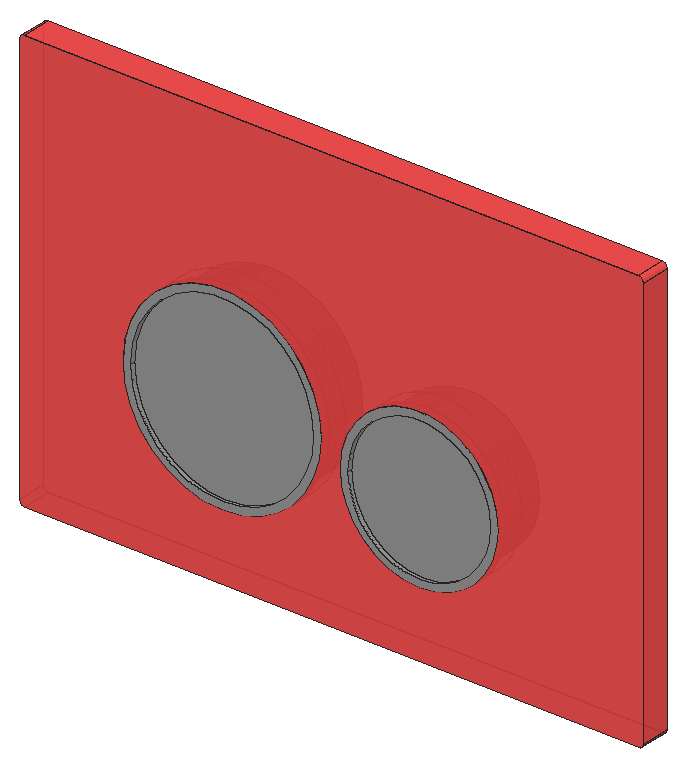
Revit family "Glass Flush Plate", category Plumbing Fixtures, Revit 2024
Family settings
  Round Connector Dimension = Use Diameter
  Part Type = Normal
  OmniClass Number = 23.45.00.00
  OmniClass Title = Sanitary, Laundry, and Cleaning Equipment
  Work Plane-Based = No
  Enable Cutting in Views = No
  Always vertical = Yes
  Cut with Voids When Loaded = No
  Maintain Annotation Orientation = No
  Shared = No
  Room Calculation Point = No
Parameters (values of type "Glass Flush Plate - Red")
  URL = "https://www.lecicosa.co.za/product/purepress-actuator-plate-white/"
  Technical Dimensions = "W248 x H168 x D14mm"
  Glass Colour = Red Glass
  Product Code = "LECFLUGLASREDBC"
  Model = "Glass Flush Plate Only"
  Material = "Glass"
  Manufacturer = "Lecico SA"
  Fixing Details = "https://www.lecicosa.co.za/wp-content/uploads/2024/11/Concealed-Cistern-Flush-Plate-Installation-Guide-1.pdf"
  Default Elevation = 0 mm
  Created By = "Knowbility Skills Lab"
  Colour = "Red"
  Category = "Concealed Cistern"
Types (3, lengths in mm): name | URL | Glass Colour | Product Code | Colour
  Glass Flush Plate - Red | "https://www.lecicosa.co.za/product/purepress-actuator-plate-white/" | Red Glass | "LECFLUGLASREDBC" | "Red"
  Glass Flush Plate - Black | "https://www.lecicosa.co.za/product/glass-actuator-plate-black/" | Black Glass | "LECFLUGLASBLABC" | "Black"
  Glass Flush Plate - White | "https://www.lecicosa.co.za/product/glass-actuator-plate-white/" | White Glass | "LECFLUGLASWHIBC" | "White"
Reference planes
  plane 1 "Center (Front/Back)": y = 0
  plane 2: z = 0
  plane 3 "Center (Left/Right)": x = 0
Forms (mm)
  Extrusion 1, solid, material "Red Glass" <- "Glass Colour"
    sketch origin (-1141.262, 0, 1414.769) x (0, 0, -1) y (-1, 0, 0)
      loop
        line (329.019, -1019.027) -> (329.019, -1263.496)
        arc (329.019, -1263.496) -> (329.605, -1264.91) -> (331.019, -1265.496) r 2
        line (331.019, -1265.496) -> (495.519, -1265.496)
        arc (495.519, -1265.496) -> (496.933, -1264.91) -> (497.519, -1263.496) r 2
        line (497.519, -1263.496) -> (497.519, -1019.027)
        arc (497.519, -1019.027) -> (496.933, -1017.613) -> (495.519, -1017.027) r 2
        line (495.519, -1017.027) -> (331.019, -1017.027)
        arc (331.019, -1017.027) -> (329.605, -1017.613) -> (329.019, -1019.027) r 2
      loop
        circle (431.394, -1097.731) r 39.5
      loop
        circle (439.519, -1176.217) r 31.5
    from 0 to -12
  Extrusion 2, solid, material "Silver"
    sketch origin (-1141.262, 0, 1414.769) x (0, 0, -1) y (-1, 0, 0)
      loop
        circle (431.394, -1097.731) r 36.5
      loop
        circle (439.519, -1176.217) r 28.5
    from -10.368 to 12
  Extrusion 3, solid, material "Red Glass" <- "Glass Colour", not visible
    sketch origin (0, 101.3, 1062) x (0, 0, -1) y (-1, 0, 0)
      loop
        line (332.519, -1022.027) -> (332.519, -1260.496)
        arc (332.519, -1260.496) -> (333.105, -1261.91) -> (334.519, -1262.496) r 2
        line (334.519, -1262.496) -> (495.519, -1262.496)
        arc (495.519, -1262.496) -> (496.933, -1261.91) -> (497.519, -1260.496) r 2
        line (497.519, -1260.496) -> (497.519, -1022.027)
        arc (497.519, -1022.027) -> (496.933, -1020.613) -> (495.519, -1020.027) r 2
        line (495.519, -1020.027) -> (334.519, -1020.027)
        arc (334.519, -1020.027) -> (333.105, -1020.613) -> (332.519, -1022.027) r 2
      loop
        line (366.726, -1060.762) -> (366.726, -1221.762)
        arc (366.726, -1221.762) -> (367.312, -1223.176) -> (368.726, -1223.762) r 2
        line (368.726, -1223.762) -> (461.312, -1223.762)
        arc (461.312, -1223.762) -> (462.726, -1223.176) -> (463.312, -1221.762) r 2
        line (463.312, -1221.762) -> (463.312, -1060.762)
        arc (463.312, -1060.762) -> (462.726, -1059.347) -> (461.312, -1058.762) r 2
        line (461.312, -1058.762) -> (368.726, -1058.762)
        arc (368.726, -1058.762) -> (367.312, -1059.347) -> (366.726, -1060.762) r 2
    from 0 to -12
  Extrusion 4, solid, material "Red Glass" <- "Glass Colour", not visible
    sketch origin (0, 101.3, 1062) x (0, 0, -1) y (-1, 0, 0)
      loop
        line (368.726, -1062.762) -> (368.726, -1154.016)
        arc (368.726, -1154.016) -> (369.312, -1155.43) -> (370.726, -1156.016) r 2
        line (370.726, -1156.016) -> (459.312, -1156.016)
        arc (459.312, -1156.016) -> (460.726, -1155.43) -> (461.312, -1154.016) r 2
        line (461.312, -1154.016) -> (461.312, -1062.762)
        arc (461.312, -1062.762) -> (460.726, -1061.347) -> (459.312, -1060.762) r 2
        line (459.312, -1060.762) -> (370.726, -1060.762)
        arc (370.726, -1060.762) -> (369.312, -1061.347) -> (368.726, -1062.762) r 2
      loop
        arc (461.312, -1160.599) -> (460.726, -1159.185) -> (459.312, -1158.599) r 2
        line (459.312, -1158.599) -> (370.726, -1158.599)
        arc (370.726, -1158.599) -> (369.312, -1159.185) -> (368.726, -1160.599) r 2
        line (368.726, -1160.599) -> (368.726, -1219.422)
        arc (368.726, -1219.422) -> (369.312, -1220.836) -> (370.726, -1221.422) r 2
        line (370.726, -1221.422) -> (459.312, -1221.422)
        arc (459.312, -1221.422) -> (460.726, -1220.836) -> (461.312, -1219.422) r 2
        line (461.312, -1219.422) -> (461.312, -1160.599)
    from -12 to 12
  Extrusion 5, solid, material "Silver"
    sketch origin (0, 0, 0) x (1, 0, 0) y (0, 0, 1)
      loop
        circle (-43.531, 983.375) r 39.5
      loop
        circle (-43.531, 983.375) r 36.5
      loop
        circle (34.956, 975.25) r 28.5
      loop
        circle (34.956, 975.25) r 31.5
    from 8.42 to 12
Dimensions and locks
  aligned and locked: level to plane 2
